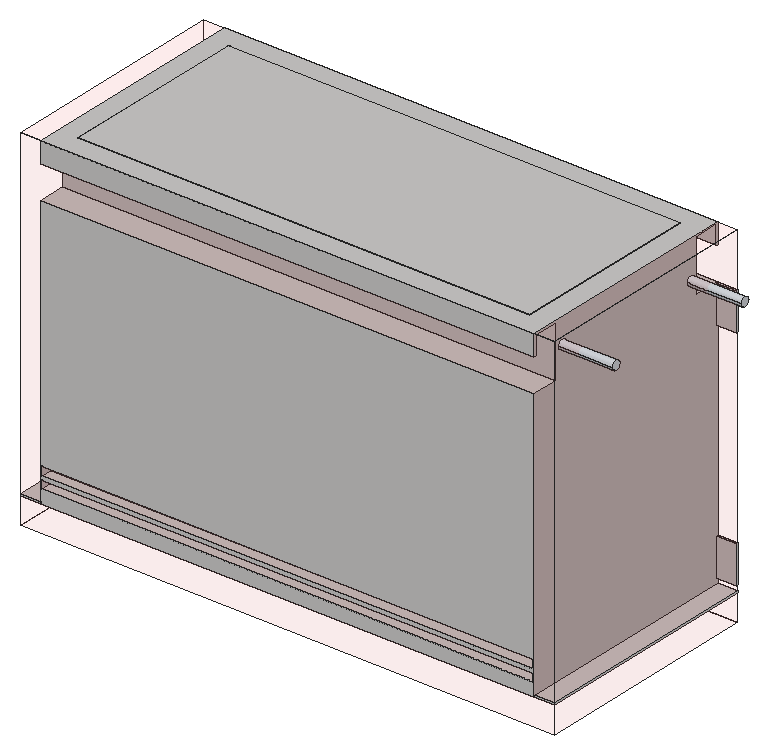
Revit family "Air-Curtain_Industrial_PoweredAire_Steam", category Mechanical Equipment, host Face, Revit 2020
Family settings
  Host = Face
  Round Connector Dimension = Use Diameter
  Part Type = Normal
  OmniClass Number = 23.75.35.17.21
  OmniClass Title = Air Curtains
  Cut with Voids When Loaded = No
  Shared = No
  Room Calculation Point = No
Parameters
  upperrotation [instance] = if(Upper Pipe Connection Side A, 0.00°, 180.00°)  # 0.00°
  topbracket [instance] = and(Unit Height = 1' 4 3/4", Unit Depth = 1' 11 3/4")  # yes
  lowerrotation [instance] = if(Lower Pipe Connection Side A, 0.00°, 180.00°)  # 0.00°
  locateupperpipe [instance] = if(Upper Pipe Connection Side A, 0' 0", Nozzle Width)  # 0' - 0"
  locatelowerpipe [instance] = if(Lower Pipe Connection Side A, 0' 0", Nozzle Width)  # 0' - 0"
  Warranty Duration (Years) = 0
  Upper Pipe Connection Side A [instance] = yes
  Unit Width Notes = "Other Widths available."  # constant formula
  Unit Width = 3' - 3"
  Unit Weight = 0
  Unit Height = 1' - 4 3/4"
  Unit Depth = 1' - 11 3/4"
  URL = "http://www.poweredaire.com/"
  Test Data = ""
  Standards Conformance = "as Specified"
  Specification = "http://www.arcat.com/sdspecs/htm04/23_34_33pai.htm"
  SpecWizard = ""
  Sound Pressure = "as Specified"
  Sales Information = "http://www.poweredaire.com/contact_us"
  Revision = "R1_2016-08"
  Projection from Host [instance] = 0' - 2"
  Product Properties = ""
  Product Data = "http://www.arcat.com/arcatcos/cos47/arc47623.html"
  Power Rating = 0 W
  Piping_Water Flow [instance] = 0 GPM
  Piping_Operating Pressure [instance] = 0.00 psi
  Piping_Exit Temperature [instance] = 0 °F
  Piping_Entry Temperature [instance] = 0 °F
  Pipe OD [instance] = 5/8"
  Nozzle Width = if(1 = 1, Unit Width - 0' 3", 0' 0")  # 3' - 0"
  Mounting Width = if(1 = 1, Unit Width - 0' 1 1/2", 0' 0")  # 3' - 1 1/2"
  Mounting Height [instance] = 3' - 6"
  Motor RPM = 0
  Motor HP = 0
  Motor Count = 0
  Model = "As Specified"
  Max Height = 0' - 0"
  Manufacturer Website = "http://www.poweredaire.com/"
  Manufacturer Phone - Toll Free = "888-321-2473"
  Manufacturer Phone = "724-588-3305"
  Manufacturer Fax = "724-588-3371"
  Manufacturer Address = "109 Mortensen Rd.  Greenville, PA 16125"
  Manufacturer = "Powered Aire, Inc"
  Maintenance Schedule (Months) = 0
  Lower Pipe Connection Side A [instance] = yes
  Keynote = "23 34 33"
  Installation-Fabrication = ""
  Installation Phase = ""
  Include Clearance [instance] = yes
  Heating Element Load = 0 W
  HVAC_Temperature Rise = 0 °F
  HVAC_Outlet Volume = 0 CFM
  HVAC_Outlet Velocity Uniformity = 0
  HVAC_Outlet Velocity = 0 FPM
  HVAC_BTU Input = 0.0 Btu/h
  Green Building-LEED = "http://www.arcat.com/green/clients/leed_data_47623.html"
  Front Grating Material [instance] = Metal - Steel - PoweredAire - Stainless 304 Perforated
  Frame Finish [instance] = Metal - Steel - PoweredAire - Stainless 304
  Expected Lifespan (Years) = 0
  Electrical_Wattage [instance] = Power Rating + Heating Element Load  # 0 W
  Electrical_Voltage [instance] = 0 V
  Electrical_Phase [instance] = 1
  Electrical_Frequency [instance] = 0 Hz
  Electrical_Amperage [instance] = 0 A
  Drawn By = "Sumex Design, Inc. / Robert S. Weygant, CSI, CDT, SCIP"
  Description = "Powered Aire Air Curtain as Specified"
  Default Elevation = 0' - 0"  # constant formula
  Copyright = "©Arcat Inc."
  Construction Details = "http://www.arcat.com/details/powair/prod3336.html"
  Clearance_Top [instance] = 0' - 0"
  Clearance_Side B [instance] = 0' - 0"
  Clearance_Side A [instance] = 0' - 0"
  Clearance_Intake [instance] = 0' - 0"
  Clearance_Bottom [instance] = 0' - 0"
  Clearance Material [instance] = ARCAT Clearance
  Building Codes = ""
  Available Options [instance] = "as Specified"
  Assembly Code = "D3090400"
Reference planes (in)
  plane 1 "Center (Elevation)": y = 0.13818
  plane 2: z = 0
  plane 3 "Center (Left/Right)": x = 0
  plane 4: y = 8.51318
  plane 5: y = -8.23682
  plane 6: x = -19.5
  plane 7: x = 19.5
  plane 8: z = 25.75
  plane 9 "FF": y = -41.86182
  plane 10: z = 2
  plane 11: x = 18
  plane 12: x = -18
  plane 13: y = 8.51318
  plane 14: y = -8.23682
  plane 15: x = -19.5
  plane 16: x = 19.5
  plane 17: z = 25.75
  plane 18: x = 17.9375
  plane 19: x = -17.9375
  plane 20: x = 18
  plane 21: x = 18
  plane 22: y = 6.01318
  plane 23: y = -5.73682
Forms (in)
  Extrusion 1, solid, material "Metal - Steel - PoweredAire - Stainless 304" <- "Frame Finish"
    sketch origin (0, 0, 0) x (0, 1, 0) y (0, 0, 1)
      loop
        line (-8.23682, 2) -> (8.51318, 2) -> (8.51318, 21.8125) -> (6.51318, 21.8125) -> (6.51318, 25.625) -> (8.38818, 25.625) -> (8.38818, 24.25) -> (8.51318, 24.25) -> (8.51318, 25.75) -> (-8.23682, 25.75) -> (-8.23682, 24.25) -> (-8.11182, 24.25) -> (-8.11182, 25.625) -> (-6.23682, 25.625) -> (-6.23682, 21.8125) -> (-8.23682, 21.8125) -> (-8.23682, 2)
    from -18 to 18
  Extrusion 2, solid, material "ARCAT Clearance" <- "Clearance Material", visible <- "Include Clearance"
    sketch origin (0, 0, 0) x (0, 1, 0) y (0, 0, 1)
      loop
        line (-8.23682, 25.75) -> (-8.23682, 0) -> (8.51318, 0) -> (8.51318, 25.75) -> (-8.23682, 25.75)
    from -19.5 to 19.5
  Extrusion 3, solid, material "Metal - Steel - PoweredAire - Stainless 304" <- "Frame Finish"
    sketch origin (-15.17702, -180, 2) x (-1, 0, 0) y (0, -1, 0)
      loop
        line (-33.17702, -188.51318) -> (-33.17702, -171.76318) -> (-34.67702, -171.76318) -> (-34.67702, -188.51318) -> (-33.17702, -188.51318)
      loop
        line (2.82298, -188.51318) -> (4.32298, -188.51318) -> (4.32298, -171.76318) -> (2.82298, -171.76318) -> (2.82298, -188.51318)
    from 0 to 0.125
  Extrusion 4, solid, material "Metal - Steel - PoweredAire - Stainless 304" <- "Frame Finish", visible <- "topbracket"
    sketch origin (-11.83813, 8.51318, 48) x (-1, 0, 0) y (0, 0, 1)
      loop
        line (-29.83813, -45.5) -> (-29.83813, -42.75) -> (-31.33813, -42.75) -> (-31.33813, -45.5) -> (-29.83813, -45.5)
      loop
        line (-29.83813, -28.9375) -> (-29.83813, -26.1875) -> (-31.33813, -26.1875) -> (-31.33813, -28.9375) -> (-29.83813, -28.9375)
      loop
        line (6.16187, -45.5) -> (7.66187, -45.5) -> (7.66187, -42.75) -> (6.16187, -42.75) -> (6.16187, -45.5)
      loop
        line (6.16187, -28.9375) -> (7.66187, -28.9375) -> (7.66187, -26.1875) -> (6.16187, -26.1875) -> (6.16187, -28.9375)
    from 0 to -0.125
  Extrusion 5, void
    sketch origin (0, 0, 0) x (0, 1, 0) y (0, 0, 1)
      loop
        line (-8.23682, 3) -> (-7.23682, 3) -> (-7.23682, 4.5) -> (-8.23682, 4.5) -> (-8.23682, 3.82425) -> (-7.38364, 3.82425) -> (-7.38364, 3.57425) -> (-8.23682, 3.57425) -> (-8.23682, 3)
    from -17.9375 to 17.9375
  Extrusion 6, solid, material "Metal - Steel - PoweredAire - Stainless 304 Perforated" <- "Front Grating Material"
    sketch origin (0, -8.23682, 25.75) x (0, 1, 0) y (-1, 0, 0)
      loop
        line (15.25, 16.5) -> (1.5, 16.5) -> (1.5, -16.5) -> (15.25, -16.5) -> (15.25, 16.5)
    from 0 to 0.03125
  Sweep 7, solid
    path origin (18, 6.01318, 0) x (1, 0, 0) y (0, 1, 0)
      loop
        line (0, 0) -> (4, 0)
    profile origin (20, 6.01318, 0) x (0, 1, 0) y (0, 0, 1)
      loop
        circle (0, 23) r 0.3125
  Sweep 8, solid
    path origin (18, -5.73682, 0) x (1, 0, 0) y (0, 1, 0)
      loop
        line (0, 0) -> (4, 0)
    profile origin (20, -5.73682, 0) x (0, 1, 0) y (0, 0, 1)
      loop
        circle (0, 24) r 0.3125
Cuts and joins
  Extrusion 5 cuts Extrusion 1
Lines and regions (in)
  reference lines
    curve 1: line (18, 6.01318, 0) -> (22.75, 6.01318, 0)
    curve 2: line (18, -5.73682, 0) -> (23.75, -5.73682, 0)
Dimensions and locks (in)
  equal spacing: plane 4, plane 1 "Center (Elevation)", plane 5
  "Unit Height": plane 4 to plane 5
  equal spacing: plane 6, plane 3 "Center (Left/Right)", plane 7
  "Unit Width": plane 6 to plane 7
  "Mounting Height": plane 1 "Center (Elevation)" to plane 9 "FF"
  "Projection from Host": plane 10 to level
  "Unit Depth": plane 8 to plane 10
  locked: plane 6 to plane 12 at 1.5
  locked: plane 11 to plane 7 at 1.5
  "Clearance_Side A": plane 7 to plane 16
  "Clearance_Side B": plane 15 to plane 6
  "Clearance_Top": plane 13 to plane 4
  "Clearance_Bottom": plane 5 to plane 14
  "Clearance_Intake": plane 17 to plane 8
  plane 5 to Extrusion 1 sketch curve to Extrusion 1 sketch curve = 0' - 0 1/8" locked, 0' - 1 7/8" locked
  Extrusion 1 sketch curve to Extrusion 1 sketch curve to plane 4 = 0' - 1 7/8" locked, 0' - 0 1/8" locked
  Extrusion 4 sketch curve to Extrusion 4 sketch curve to Extrusion 4 sketch curve to Extrusion 4 sketch curve to plane 10 = 0' - 2 3/4" locked, 1' - 1 13/16" locked, 0' - 2 3/4" locked, 0' - 0 1/2" locked
  Extrusion 4 sketch curve to Extrusion 4 sketch curve to Extrusion 4 sketch curve to Extrusion 4 sketch curve = 0' - 2 3/4" locked, 1' - 1 13/16" locked, 0' - 2 3/4" locked
  locked: Extrusion 4 sketch curve to plane 10 at 0.5
  plane 8 to Extrusion 1 sketch curve to Extrusion 1 sketch curve = 0' - 0 1/8" locked, 0' - 1 3/8" locked  (x2)
  locked: Extrusion 1 sketch curve to plane 10 at 19.8125  (x2)
  Extrusion 5 sketch curve to Extrusion 5 sketch curve to Extrusion 5 sketch curve to Extrusion 5 sketch curve to plane 10 = 0' - 0.67575" locked, 0' - 0 1/4" locked, 0' - 0.57425" locked, 0' - 1" locked
  plane 5 to Extrusion 5 sketch curve to Extrusion 5 sketch curve = 0' - 0.85319" locked, 0' - 0.14681" locked
  locked: plane 19 to plane 12 at 0.0625
  locked: plane 11 to plane 18 at 0.0625
  locked: plane 4 to Extrusion 6 sketch curve at 1.5
  locked: Extrusion 6 sketch curve to plane 5 at 1.5
  locked: Extrusion 6 sketch curve to plane 11 at 1.5
  locked: plane 12 to Extrusion 6 sketch curve at 1.5
  "locateupperpipe": plane 20 to plane 11
  "locatelowerpipe": plane 21 to plane 11
  locked: plane 4 to plane 22 at 2.5
  locked: plane 23 to plane 5 at 2.5
  locked: curve 1 to Sweep 7 sketch curve at 4
  locked: curve 1 to Sweep 7 sketch curve
  locked: Sweep 7 sketch curve to plane 10 at 21
  locked: curve 2 to Sweep 8 sketch curve at 4
  locked: curve 2 to Sweep 8 sketch curve
  locked: Sweep 8 sketch curve to plane 10 at 22
  "upperrotation": angle plane 22 to curve 1
  "lowerrotation": angle plane 23 to curve 2
  aligned and locked: plane 2 to host face
  aligned and locked: level to host face
  aligned and locked: Extrusion 2 sketch curve to plane 17
  aligned and locked: plane 14 to Extrusion 2 sketch curve
  aligned and locked: level to Extrusion 2 sketch curve
  aligned and locked: Extrusion 2 sketch curve to plane 13
  aligned and locked: plane 16 to Extrusion 2
  aligned and locked: Extrusion 2 to plane 15
  aligned and locked: plane 11 to Extrusion 1
  aligned and locked: Extrusion 1 to plane 12
  aligned and locked: plane 21 to curve 2
  aligned and locked: plane 23 to curve 2
  aligned and locked: plane 22 to curve 1
  aligned and locked: plane 20 to curve 1
Automatic sketch dimensions
  host sketch curve to host sketch curve = 8' - 0"  (x2)
  Extrusion 1 sketch curve to plane 5 = 0' - 0"  (x2)
  Extrusion 1 sketch curve to plane 4 = 0' - 0"  (x2)
  Extrusion 1 sketch curve to plane 10 = 0' - 0"
  Extrusion 1 sketch curve to plane 8 = 0' - 0"
  plane 4 to Extrusion 3 sketch curve = 0' - 0"
  Extrusion 3 sketch curve to plane 7 = 0' - 0"
  plane 5 to Extrusion 3 sketch curve = 0' - 0"
  Extrusion 3 sketch curve to plane 11 = 0' - 0"
  Extrusion 3 sketch curve to plane 4 = 0' - 0"
  Extrusion 3 sketch curve to plane 12 = 0' - 0"
  Extrusion 3 sketch curve to plane 6 = 0' - 0"
  Extrusion 3 sketch curve to plane 5 = 0' - 0"
  Extrusion 4 sketch curve to plane 7 = 0' - 0"  (x2)
  Extrusion 4 sketch curve to plane 11 = 0' - 0"  (x2)
  Extrusion 4 sketch curve to plane 12 = 0' - 0"  (x2)
  Extrusion 4 sketch curve to plane 6 = 0' - 0"  (x2)
  Extrusion 5 sketch curve to plane 5 = 0' - 0"  (x2)
  Sweep 7 sketch curve to profile plane = 0' - 0"
  Sweep 8 sketch curve to profile plane = 0' - 0"
  radius of Sweep 7 sketch curve = 0' - 0 5/16"
  radius of Sweep 8 sketch curve = 0' - 0 5/16"
Connectors (in)
  piping at (22, 6.01318, 23), diameter 0.625, driven by "Pipe OD", driven by "Piping_Water Flow"
    settings: on Sweep 7, index 1, connector inside diameter 24", connector length 0' - 0", flow factor 0, pipe flow 0 GPM, pressure drop 0.00 psi, fitting loss kfactor 0, connector angle 0.00°, fixture units 0, engagement length 0' - 0", angle of deflection 0.00°, flow configuration 0, flow direction 0, fitting loss method 0, system type 29, joint type 0, gender type 0, connector reference index -1, connector utility 0, adjustable connector no, is connector primary yes, connector description "Define Supply or Return and Location"
  piping at (22, -5.73682, 24), diameter 0.625, driven by "Pipe OD", driven by "Piping_Water Flow"
    settings: on Sweep 8, index 2, connector inside diameter 24", connector length 0' - 0", flow factor 0, pipe flow 0 GPM, pressure drop 0.00 psi, fitting loss kfactor 0, connector angle 0.00°, fixture units 0, engagement length 0' - 0", angle of deflection 0.00°, flow configuration 0, flow direction 0, fitting loss method 0, system type 29, joint type 0, gender type 0, connector reference index -1, connector utility 0, adjustable connector no, is connector primary no, connector description "Define Supply or Return and Location"
  electrical at (-18, 0.13818, 21.39062), driven by "Electrical_Voltage", driven by "Electrical_Phase"
    settings: on cut or joined group of Extrusion 1, Extrusion 5, index 3, voltage 0 V, apparent load 0 VA, apparent load phase1 0 VA, apparent load phase2 0 VA, apparent load phase3 0 VA, power factor 1, load classification "Motor", number of poles 1, system type 31, power factor state 1, is connector primary yes, connector utility no, sub classification motor no, connector description ""
